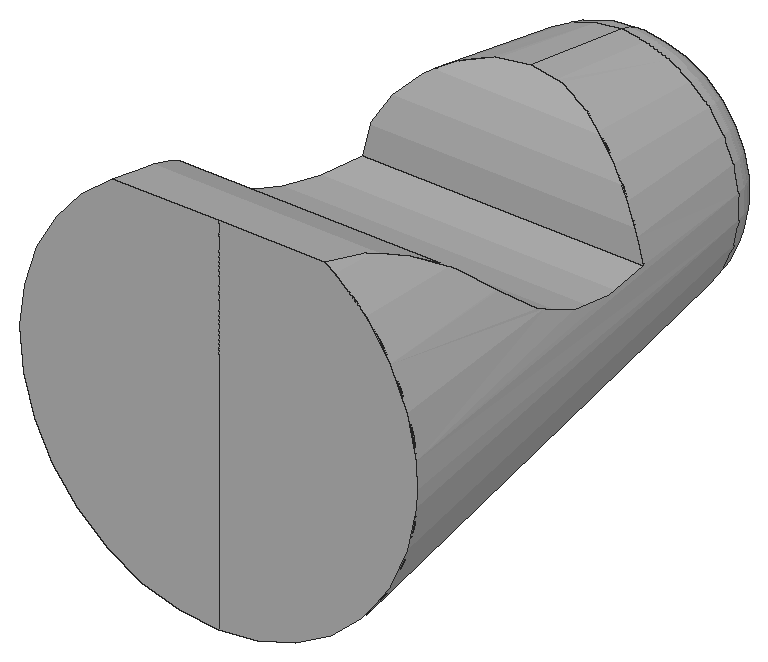
Revit family "AV6000001_Kit por 6 Accesorios Aluvia (Percho)", category Plumbing Fixtures, Revit 2019
Family settings
  Round Connector Dimension = Use Diameter
  Part Type = Normal
  OmniClass Number = 23.19.25.13.21.17
  Work Plane-Based = No
  Always vertical = Yes
  Cut with Voids When Loaded = No
  Shared = No
  Room Calculation Point = No
Parameters
  Uso = "Residencial"  # constant formula
  URL = "https://corona.co/productos/accesorios/kit-por-6-accesorios-aluvia/p/AV6000001"
  Resistencia = "Resistente a la corrosión pelado y decoloración por agua, Resistencia al peso general hasta 9 kg, Resistencia al peso del toallero barra hasta 23 kg"  # constant formula
  Número de piezas = "6"  # constant formula
  Materiales = "Cromado"  # constant formula
  Material = Corona_Cromo
  Línea = "Torino"  # constant formula
  Garantías de otros componentes = "2 años en acabados"  # constant formula
  Garantía = "30 años en estructura"  # constant formula
  Fecha de creación = "14/08/2020"  # constant formula
  Description = "Las líneas y formas suaves de los accesorios Aluvia están inspiradas en la erosión aluvial y se convierten en la mejor manera de modernizar el baño, manteniendo una sensación natural y relajada. ¡Descubre más de este kit!"  # constant formula
  Creado por = "IDD"  # constant formula
  Componentes = "Percha, Toallero, Jabonera, Barra, Cepillera, Portarrollo"  # constant formula
  Colección = "Gama Media 2010"  # constant formula
  Acabado = "Cromado"  # constant formula
Reference planes
  plane 1 "Center (Front/Back)": y = 0
  plane 2: z = 0
  plane 3 "Center (Left/Right)": x = 0
Forms (mm)
  Extrusion 1, solid, material "Corona_Cromo" <- "Material", detail levels coarse
    sketch origin (0, 0, 0) x (1, 0, 0) y (0, 1, 0)
      loop
        line (-38.216, 0) -> (40, 0) -> (40, 111.66) -> (-38.216, 111.66) -> (-38.216, 0)
    from -41.07 to 32.257
  Revolve 2, solid, material "Corona_Cromo" <- "Material", detail levels medium+fine
    sketch origin (1.053, 58.186, -1.106) x (0, 1, 0) y (0, 0, 1)
      loop
        line (-58.186, 0) -> (53.28, 0)
        arc (53.28, 0) -> (51.412, 10.113) -> (46.463, 19.128) r 32.335
        arc (46.463, 19.128) -> (43.515, 21.721) -> (39.822, 23.053) r 10.524
        line (39.822, 23.053) -> (-58.186, 38.73) -> (-58.186, 0)
      axis (53.28, 0) -> (-58.186, 0)
    angle from 0 to 360
  Extrusion 3, void
    sketch origin (-9.257, 430.211, -324.361) x (0, 1, 0) y (0, 0, 1)
      loop
        arc (-435.366, 356.577) -> (-415.621, 351.753) -> (-398.824, 340.307) r 56.991
        arc (-398.824, 340.307) -> (-381.39, 329.509) -> (-361.004, 327.285) r 46.381
        arc (-361.004, 327.285) -> (-358.942, 342.268) -> (-349.787, 354.306) r 29.785
        line (-349.787, 354.306) -> (-322.515, 354.306) -> (-322.515, 358.033) -> (-434.716, 365.878) -> (-435.366, 356.577)
    from -52.736 to 46.398
Cuts and joins
  Extrusion 3 cuts Revolve 2
Dimensions and locks
  aligned and locked: level to plane 2
